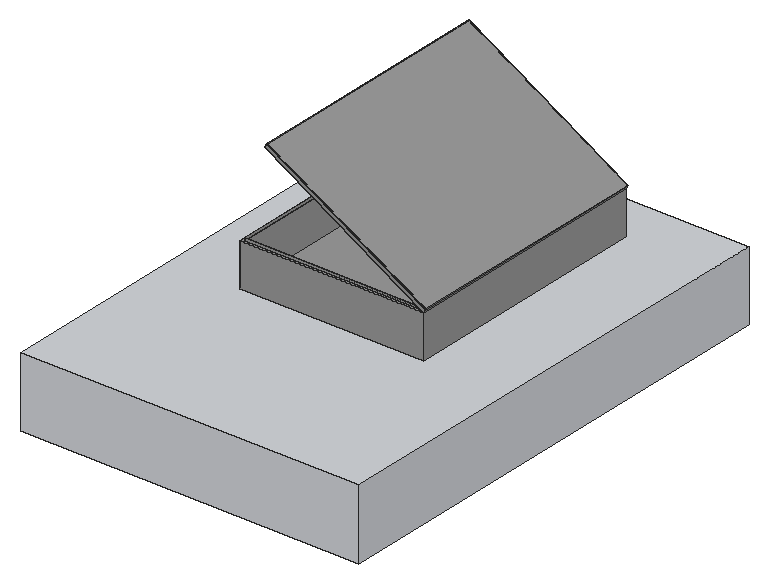
Revit family "Hager-Univers-IP44-D205-H1100-Cl.I-encl-NL-en", category Equipement électrique, Revit 2020
Family settings
  Hôte = Face
  Configuration du panneau = Deux colonnes, circuits au sein
  Cote de connecteur circulaire = Utiliser le diamètre
  Type d'élément = Tableau de raccordement
  Couper avec des vides une fois chargée = Non
  Partagée = Non
  Point de calcul de pièce = Non
Parameters (values of type "Surface mounted (plaster) IP44 W800 H1100 D205  - FP73QT")
  Width Control [instance] = if([EF000008 - Width] > Min Width, [EF000008 - Width], Min Width)  # 800 mm
  Commentaires du type = [HG000003 - Range]  # "Univers"
  Thickness Door [instance] = if([EF009171 - Material plate thickness door/cover] > 3 mm, 3 mm, [EF009171 - Material plate thickness door/cover])  # 1 mm
  Seal Frame Offset [instance] = 17 mm  # constant formula
  Plinth Visibility [instance] = [HG000027 - Plinth height] > 0 mm  # no
  Model = ""
  Min Width [instance] = 100 mm  # constant formula
  Min Height [instance] = 100 mm  # constant formula
  Min Depth [instance] = (2 * [EF009170 - Material plate thickness cabinet]) + 1 mm  # 3 mm
  Internal Frame Depth [instance] = (Door System Depth * 0.5)  # 9 mm
  Height Control [instance] = if([EF000040 - Height] > Min Height, [EF000040 - Height], Min Height)  # 1100 mm
  HG000027 - Plinth height = 0 mm
  HG000026 - Floor standing = no
  HG000024 - Bottom section height = 800 mm
  HG000023 - Double section enclosure = no
  HG000016 - Door 3d visibility [instance] = yes
  HG000015 - Clearance visibility [instance] = no
  HG000014 - Door on the right [instance] = yes
  HG000013 - Door on the left [instance] = not([HG000014 - Door on the right])  # no
  HG000012 - Door swing angle [instance] = 30.00°
  HG000010 - Asymmetric doors = no
  HG000009 - Double swing door = no
  HG000006 - Flush mounted = no
  HG000004 - Manufacturer reference = "FP73QT"
  HG000003 - Range = "Univers"
  HG000002 - With door or cover = yes
  Frame Offset Bottom [instance] = 10 mm  # constant formula
  Frame Offset [instance] = 15 mm  # constant formula
  EF015940 - Cover with overpressure release = no
  EF011959 - Degree of protection (NEMA) = ""
  EF009554 - Number of openings for flange plates = 6
  EF009212 - Cover model = "EV000116 - Closed"
  EF009171 - Material plate thickness door/cover = 1 mm
  EF009170 - Material plate thickness cabinet = 1 mm
  Fabricant = "Hager"  # constant formula
  EF008873 - Nominal current (In) = 250 A
  EF007800 - Suitable for lightning protection = no
  EF006306 - With lock = no
  EF006244 - Transparent cover/door = no
  EF005474 - Degree of protection (IP) = "EV006418 - IP44"
  EF004464 - Type of door = "EV002646 - Single"
  EF004427 - Number of modules = 252
  EF004293 - Impact strength = "EV006815 - IK09"
  EF003532 - Suitable for outdoor use = no
  EF002950 - Width in number of modular spacings = 36
  EF001613 - Circuit integrity = "EV000494 - None"
  EF001596 - Material housing = "EV000179 - Steel"
  EF001131 - Internal depth = 130 mm
  EF001088 - Extension possible = yes
  EF000437 - Number of conduit inlets = 6
  EF000339 - Type of cover = "EV001012 - Cover"
  EF000266 - Number of rows = 7
  EF000218 - Built-in depth = 0 mm
  EF000118 - With mounting plate = no
  EF000116 - RAL-number = "9010"
  EF000049 - Depth = 205 mm
  EF000040 - Height = 1100 mm
  EF000008 - Width = 800 mm
  EF000007 - Colour = "EV000202 - White"
  EF000003 - Mounting method = "EV000384 - Surface mounted (plaster)"
  Door System Leaf Tolerance [instance] = 1.5 mm  # constant formula
  Door System Depth [instance] = 18 mm  # constant formula
  Door Height [instance] = Height Control - [HG000027 - Plinth height]  # 1100 mm
  Depth Control [instance] = if([EF000049 - Depth] > Min Depth, [EF000049 - Depth], Min Depth)  # 205 mm
  Default Elevation = 0 mm
  Connector Offset [instance] = Height Control / 2  # 550 mm
  Bottom Top Plate Trim [instance] = 1.5 mm  # constant formula
  Plinth height Ctrl [instance] = if([HG000027 - Plinth height] > 0 mm, [HG000027 - Plinth height], 12 mm)  # 12 mm
Types (4, lengths in mm): name | Width Control | HG000004 - Manufacturer reference | EF009554 - Number of openings for flange plates | EF004464 - Type of door | EF004427 - Number of modules | EF002950 - Width in number of modular spacings | EF000437 - Number of conduit inlets | EF000008 - Width
  Surface mounted (plaster) IP44 W1050 H1100 D205  - FP74QT | 1050 | "FP74QT" | 8 | "EV003602 - Double" | 336 | 48 | 8 | 1050
  Surface mounted (plaster) IP44 W300 H1100 D205  - FP71QT | 300 | "FP71QT" | 2 | "EV002646 - Single" | 84 | 12 | 2 | 300
  Surface mounted (plaster) IP44 W550 H1100 D205  - FP72QT | 550 | "FP72QT" | 4 | "EV002646 - Single" | 168 | 24 | 4 | 550
  Surface mounted (plaster) IP44 W800 H1100 D205  - FP73QT | 800 | "FP73QT" | 6 | "EV002646 - Single" | 252 | 36 | 6 | 800
Reference planes
  plane 1 "Center (Front/Back)": y = 0
  plane 2: z = 0
  plane 3 "Center (Left/Right)": x = 0
  plane 4: z = 205
  plane 5: y = 1
  plane 6: y = 550
  plane 7: y = 0
  plane 8: y = 1100
  plane 9: z = 0
  plane 10: x = -385
  plane 11: x = 385
  plane 12: x = 384
  plane 13: x = -384
  plane 14: y = 1099
  plane 15: x = -383
  plane 16: x = -400
  plane 17: x = 383
  plane 18: x = 400
  plane 19: x = 399
  plane 20: x = -399
  plane 21: y = 11
  plane 22: y = 1100
  plane 23: y = 1084
  plane 24: z = 187
  plane 25: z = 1
  plane 26: z = 186
  plane 27: z = 204
Forms (mm)
  Extrusion 1, solid
    sketch origin (0, 0, 0) x (1, 0, 0) y (0, 1, 0)
      loop
        line (-702.964, 1305) -> (-702.964, -811.445) -> (766.763, -811.445) -> (766.763, 1305) -> (-702.964, 1305)
    from 0 to -304.8
  Extrusion 2, solid, material "Hager_Steel_RAL7035_Light_Grey", visible <- "Plinth Visibility", detail levels medium+fine
    sketch origin (0, 0, 0) x (1, 0, 0) y (0, 1, 0)
      loop
        line (-400, 0) -> (400, 0) -> (400, 12) -> (-400, 12) -> (-400, 0)
    from 0 to 187
  Extrusion 3, solid, material "Hager_Steel_RAL7035_Light_Grey", detail levels medium+fine
    sketch origin (0, 0, 0) x (1, 0, 0) y (0, 1, 0)
      loop
        line (-400, 0) -> (400, 0) -> (400, 1100) -> (-400, 1100) -> (-400, 0)
    from 0 to 187
  Extrusion 4, void
    sketch origin (0, 0, 0) x (1, 0, 0) y (0, 1, 0)
      loop
        line (-399, 1) -> (399, 1) -> (399, 1099) -> (-399, 1099) -> (-399, 1)
    from 1 to 186
  Extrusion 5, void
    sketch origin (-381.607, -4572, 187) x (0, -1, 0) y (-1, 0, 0)
      loop
        line (-4583, 2.393) -> (-5656, 2.393) -> (-5656, -765.607) -> (-4583, -765.607) -> (-4583, 2.393)
    from 0 to 1 <- "EF009170 - Material plate thickness cabinet"
  Extrusion 6, solid, material "Hager_Steel_RAL7035_Light_Grey", detail levels fine
    sketch origin (0, 0, 187) x (1, 0, 0) y (0, 1, 0)
      loop
        line (-384, 1084) -> (-384, 11) -> (384, 11) -> (384, 1084) -> (-384, 1084)
      loop
        line (-385, 10) -> (385, 10) -> (385, 1085) -> (-385, 1085) -> (-385, 10)
    from 0 to 9 <- "Internal Frame Depth"
  Extrusion 7, solid, material "Hager_Steel_RAL7035_Light_Grey", detail levels coarse
    sketch origin (0, 0, 0) x (1, 0, 0) y (0, 1, 0)
      loop
        line (-400, 0) -> (400, 0) -> (400, 1100) -> (-400, 1100) -> (-400, 0)
    from 0 to 205
  Sweep 8, void
    path in 3D
      loop
        line (-400, 12, 0) -> (400, 12, 0) -> (400, 12, 187) -> (-400, 12, 187) -> (-400, 12, 0)
    profile origin (-400, 12, 93.5) x (-1, 0, 0) y (0, -1, 0)
      loop
        line (0, 0) -> (0, 1.5) -> (-1.5, 1.5)
        arc (-1.5, 1.5) -> (-1.061, 0.439) -> (0, 0) r 1.5
Cuts and joins
  Extrusion 4, Extrusion 5 cuts Extrusion 3
  Sweep 8 cuts Extrusion 2
Lines and regions (mm)
  Masking region 1
    outline origin (0, 0, 0) x (1, 0, 0) y (0, 0, 1)
      loop
        line (-400, 205) -> (-400, 0) -> (400, 0) -> (400, 205) -> (-400, 205)
  Masking region 2, detail levels medium+fine
    outline origin (0, 140, 0) x (0, 1, 0) y (0, 0, 1)
      loop
        line (-140, 0) -> (960, 0) -> (960, 187) -> (-140, 187) -> (-140, 0)
  Masking region 3, not visible, detail levels medium+fine
    outline origin (0, 297.922, 0) x (0, 1, 0) y (0, 0, 1)
      loop
        line (263.578, 0) -> (303.578, 0) -> (303.578, 194)
        arc (303.578, 194) -> (300.649, 201.071) -> (293.578, 204) r 10
        line (293.578, 204) -> (263.578, 204) -> (263.578, 0)
  Masking region 4, detail levels coarse
    outline origin (0, 0, 180) x (0, 1, 0) y (0, 0, 1)
      loop
        line (0, -180) -> (1100, -180) -> (1100, 25) -> (0, 25) -> (0, -180)
  Masking region 5, visible <- "Plinth Visibility", detail levels medium+fine
    outline origin (0, 52.24, 12.345) x (0, 0, -1) y (0, 1, 0)
      loop
        line (10.845, -40.24) -> (-173.155, -40.24)
        arc (-173.155, -40.24) -> (-173.594, -41.301) -> (-174.655, -41.74) r 1.5
        line (-174.655, -41.74) -> (-174.655, -52.24) -> (12.345, -52.24) -> (12.345, -41.74)
        arc (12.345, -41.74) -> (11.285, -41.301) -> (10.845, -40.24) r 1.5
  Masking region 6, detail levels medium+fine
    outline origin (-381.607, -4572, 187) x (-1, 0, 0) y (0, -1, 0)
      loop
        line (18.393, -5672) -> (18.393, -4572) -> (-781.607, -4572) -> (-781.607, -5672) -> (18.393, -5672)
  Masking region 7, visible <- "Plinth Visibility", detail levels medium+fine
    outline origin (-381.607, -4727, 187) x (-1, 0, 0) y (0, -1, 0)
      loop
        arc (16.893, -4739) -> (17.332, -4737.939) -> (18.393, -4737.5) r 1.5
        line (18.393, -4737.5) -> (18.393, -4727) -> (-781.607, -4727) -> (-781.607, -4737.5)
        arc (-781.607, -4737.5) -> (-780.546, -4737.939) -> (-780.107, -4739) r 1.5
        line (-780.107, -4739) -> (16.893, -4739)
  Masking region 8, detail levels coarse
    outline origin (-442.548, -4669.526, 187) x (-1, 0, 0) y (0, -1, 0)
      loop
        line (-42.548, -5769.526) -> (-42.548, -4669.526) -> (-842.548, -4669.526) -> (-842.548, -5769.526) -> (-42.548, -5769.526)
  sketch lines
    curve 1: line (-400, 12, 187) -> (-400, 12, 0)
    curve 2: line (400, 12, 187) -> (-400, 12, 187)
    curve 3: line (400, 12, 187) -> (400, 12, 0)
    curve 4: line (-400, 12, 0) -> (400, 12, 0)
Dimensions and locks
  "Depth Control": plane 4 to Extrusion 1
  "HG000027 - Plinth height": plane 1 "Center (Front/Back)" to plane 7
  "EF009170 - Material plate thickness cabinet": plane 5 to plane 7
  locked: connector elem to plane 3 "Center (Left/Right)"
  equal spacing: plane 8, plane 6, plane 7
  locked: connector elem to plane 6
  "EF009170 - Material plate thickness cabinet": plane 8 to plane 14
  "EF009170 - Material plate thickness cabinet": plane 10 to plane 13
  "EF009170 - Material plate thickness cabinet": plane 12 to plane 11
  "Frame Offset": plane 20 to plane 13
  "Frame Offset": plane 12 to plane 19
  "EF009170 - Material plate thickness cabinet": plane 16 to plane 20
  "EF009170 - Material plate thickness cabinet": plane 19 to plane 18
  "Seal Frame Offset": plane 16 to plane 15
  "Seal Frame Offset": plane 17 to plane 18
  "Frame Offset Bottom": plane 21 to plane 5
  "Frame Offset": plane 14 to plane 23
  equal spacing: plane 16, plane 3 "Center (Left/Right)", plane 18
  "Width Control": plane 16 to plane 18
  "EF009170 - Material plate thickness cabinet": plane 4 to plane 27
  "EF009170 - Material plate thickness cabinet": plane 24 to plane 26
  "EF009170 - Material plate thickness cabinet": plane 25 to level
  "Door System Depth": plane 4 to plane 24
  "Height Control": plane 1 "Center (Front/Back)" to Extrusion 7 sketch curve
  "Height Control": Masking region 4 sketch curve to plane 1 "Center (Front/Back)"
  "Height Control": plane 1 "Center (Front/Back)" to plane 22
  "Bottom Top Plate Trim": profile plane to Sweep 8 sketch curve
  "Bottom Top Plate Trim": Sweep 8 sketch curve to profile plane
  "Plinth height Ctrl": plane 1 "Center (Front/Back)" to Extrusion 2 sketch curve
  "Plinth height Ctrl": Masking region 5 sketch curve to plane 1 "Center (Front/Back)"
  "Plinth height Ctrl": plane 1 "Center (Front/Back)" to Masking region 7 sketch curve
  "Thickness Door": Extrusion 6 sketch curve to Extrusion 6 sketch curve  (x3)
  "Thickness Door": cut or joined group of Extrusion 3, Extrusion 4, Extrusion 5 to Extrusion 6 sketch curve
  radius of Masking region 3 sketch curve = 10 mm
  "Bottom Top Plate Trim": radius of Masking region 5 sketch curve  (x2)
  "Bottom Top Plate Trim": radius of Sweep 8 sketch curve
  "Bottom Top Plate Trim": radius of Masking region 7 sketch curve  (x2)
  aligned and locked: plane 2 to Extrusion 1
  aligned and locked: level to Extrusion 1
  aligned and locked: level to Masking region 1 sketch curve
  aligned and locked: Masking region 1 sketch curve to plane 18
  aligned and locked: Masking region 1 sketch curve to plane 16
  aligned and locked: plane 7 to Masking region 2 sketch curve
  aligned and locked: level to Masking region 3 sketch curve
  aligned and locked: Masking region 3 sketch curve to plane 27
  aligned and locked: level to Masking region 2 sketch curve
  aligned and locked: plane 1 "Center (Front/Back)" to Extrusion 2 sketch curve
  aligned and locked: Extrusion 3 sketch curve to plane 7
  aligned and locked: plane 16 to Extrusion 3 sketch curve
  aligned and locked: plane 18 to Extrusion 3 sketch curve
  aligned and locked: plane 20 to Extrusion 4 sketch curve
  aligned and locked: plane 19 to Extrusion 4 sketch curve
  aligned and locked: Extrusion 4 sketch curve to plane 5
  aligned and locked: Extrusion 4 to plane 25
  aligned and locked: plane 26 to Extrusion 4
  aligned and locked: plane 24 to Extrusion 3
  aligned and locked: Extrusion 5 sketch curve to plane 21
  aligned and locked: Extrusion 5 sketch curve to plane 13
  aligned and locked: Extrusion 5 sketch curve to plane 12
  aligned and locked: plane 18 to Extrusion 7 sketch curve
  aligned and locked: plane 1 "Center (Front/Back)" to Extrusion 7 sketch curve
  aligned and locked: plane 16 to Extrusion 7 sketch curve
  aligned and locked: plane 4 to Extrusion 7
  aligned and locked: Extrusion 7 to level
  aligned and locked: level to Masking region 4 sketch curve
  aligned and locked: Masking region 4 sketch curve to plane 1 "Center (Front/Back)"
  aligned and locked: Masking region 4 sketch curve to plane 4
  aligned and locked: nested 1 to level
  aligned and locked: nested 1 to plane 16
  aligned and locked: plane 8 to Extrusion 3 sketch curve
  aligned and locked: plane 23 to Extrusion 5 sketch curve
  aligned and locked: plane 14 to Extrusion 4 sketch curve
  aligned and locked: Masking region 2 sketch curve to plane 8
  aligned and locked: level to Masking region 5 sketch curve
  aligned and locked: plane 16 to Extrusion 2 sketch curve
  aligned and locked: plane 18 to Extrusion 2 sketch curve
  aligned and locked: Masking region 5 sketch curve to plane 24
  aligned and locked: Masking region 2 sketch curve to plane 24
  aligned and locked: plane 24 to Extrusion 2
  aligned and locked: profile plane to Sweep 8 sketch curve  (x2)
  aligned and locked: Masking region 6 sketch curve to plane 18
  aligned and locked: Masking region 6 sketch curve to plane 22
  aligned and locked: Masking region 6 sketch curve to plane 16
  aligned and locked: plane 8 to plane 22
  aligned and locked: Masking region 6 sketch curve to plane 7
  aligned and locked: Masking region 7 sketch curve to plane 16
  aligned and locked: Masking region 7 sketch curve to plane 1 "Center (Front/Back)"
  aligned and locked: Masking region 7 sketch curve to plane 18
  aligned and locked: Masking region 8 sketch curve to plane 1 "Center (Front/Back)"
  aligned and locked: Masking region 8 sketch curve to plane 18
  aligned and locked: Masking region 8 sketch curve to plane 22
  aligned and locked: Masking region 8 sketch curve to plane 16
  aligned and locked: nested 2 to plane 7
  aligned and locked: plane 3 "Center (Left/Right)" to nested 2
  aligned and locked: nested 2 to plane 24
  aligned and locked: Extrusion 6 sketch curve to cut or joined group of Extrusion 3, Extrusion 4, Extrusion 5  (x4)
Automatic sketch dimensions
  Extrusion 1 sketch curve to Extrusion 1 sketch curve = 1469.727 mm
  Extrusion 1 sketch curve to Extrusion 1 sketch curve = 2116.445 mm
  Masking region 1 sketch curve to plane 4 = 0 mm
  plane 6 to Masking region 3 sketch curve = 11.5 mm
  Masking region 3 sketch curve to Masking region 3 sketch curve = 30 mm
  Masking region 5 sketch curve to plane 1 "Center (Front/Back)" = 0 mm
Nested families
  nested 1: "Hager_Enclosure_Symbol" at (-400, 0, 0) x (1, 0, 0) z (0, -1, 0), Height <- "Depth Control", Width <- "Width Control", type "Hager_Enclosure_Symbol"
    with Width_Ctrl 800 mm, Width 800 mm, Height_Ctrl 205 mm, Height 205 mm, A_Width_Int 13.453 mm, A_Width 161.438 mm, A_Height_Ctrl 179.375 mm, A_Height 179.375 mm
  nested 2: "EC000058_Univers_Door" at (0, 0, 187) x (1, 0, 0) z (0, 1, 0), Leaf_Tolerance <- "Door System Leaf Tolerance", Angle <- "HG000012 - Door swing angle", Door_Depth <- "Door System Depth", Door_Left <- "HG000013 - Door on the left", Transparent <- "EF006244 - Transparent cover/door", Assymetrical <- "HG000010 - Asymmetric doors", Width <- "Width Control", Clearance <- "HG000015 - Clearance visibility", Double <- "HG000009 - Double swing door", 3d_Door <- "HG000016 - Door 3d visibility", Lock_Visibility <- "EF006306 - With lock", Width_Ctrl <- "Width Control", Door_Right <- "HG000014 - Door on the right", Door <- "HG000002 - With door or cover", Height <- "Door Height", Thickness <- "Thickness Door", type "EC000058_Univers_Door", detail levels medium+fine
    with min_wh 3 mm, Width_Ctrl 800 mm, Width 800 mm, Transparent no, Thickness 1 mm, Seal_Material Hager_Rubber, Lock_Visibility no, Lock_Material Hager_Plastic_RAL9005_Jet_Black, Leaf_Width 800 mm, Leaf_Tolerance_External_Sides 0 mm, Leaf_Tolerance 1.5 mm, Leaf_Offset 0 mm, Leaf_Height 1097 mm, Leaf_2_Width 800 mm, Leaf_2_Offset 400 mm, Leaf_1_Width 800 mm, Leaf_1_Offset 400 mm, Height_Ctrl 1100 mm, Height 1100 mm, Glass_Material Hager_Glass, Double_Clearance_Ctrl no, Double no, Door_Right_Ctrl yes, Door_Right yes, Door_Material Hager_Steel_RAL7035_Light_Grey, Door_Left_Ctrl no, Door_Left no, Door_Depth 18 mm, Door yes, Clearance_Material Hager_Clearance, Clearance_Depth 800 mm, Clearance_Ctrl no, Clearance no, Assymetrical no, Angle 30.00°, 3d_Door yes
Connectors
  electrical at (0, 550, 0)
    settings: on plane 9, index 1, voltage 0 V, apparent load 0 VA, apparent load phase1 0 VA, apparent load phase2 0 VA, apparent load phase3 0 VA, power factor 1, load classification "Other", number of poles 1, system type 30, power factor state 1, is connector primary yes, connector utility no, sub classification motor no, connector description ""
Definition of nested family "EC000058_Univers_Door"
  Parameters (values of type "EC000058_Univers_Door")
    min_wh [instance] = (2 * Thickness) + 1 mm  # 11 mm
    Width_Ctrl [instance] = 400 mm
    Width [instance] = 500 mm
    Transparent [instance] = yes
    Thickness [instance] = 5 mm
    Seal_Material [instance] = none
    Lock_Visibility [instance] = yes
    Lock_Material [instance] = none
    Leaf_Width [instance] = if((Width_Ctrl - 2 * Leaf_Tolerance_External_Sides) > 0 mm, (Width_Ctrl - 2 * Leaf_Tolerance_External_Sides), min_wh)  # 400 mm
    Leaf_Tolerance_External_Sides [instance] = 0 mm  # constant formula
    Leaf_Tolerance [instance] = 1.5 mm
    Leaf_Offset [instance] = 0 mm  # constant formula
    Leaf_Height [instance] = if((Height_Ctrl - 2 * Leaf_Tolerance) > 0 mm, (Height_Ctrl - 2 * Leaf_Tolerance), min_wh)  # 497 mm
    Leaf_2_Width [instance] = if(and(and(Double, Assymetrical), Door_Left), (Leaf_Width / 3) - (Leaf_Tolerance / 2), if(and(and(Double, Assymetrical), Door_Right), (Leaf_Width / 3) * 2 - (Leaf_Tolerance / 2), if(and(Double, not(Assymetrical)), (Leaf_Width / 2) - Leaf_Tolerance, Leaf_Width)))  # 400 mm
    Leaf_2_Offset [instance] = if(and(Double, Assymetrical), Leaf_2_Width / 2, if(and(Double, not(Assymetrical)), Leaf_Width / 4, Leaf_Width / 2))  # 200 mm
    Leaf_1_Width [instance] = if(and(and(Double, Assymetrical), Door_Right), (Leaf_Width / 3) - (Leaf_Tolerance / 2), if(and(and(Double, Assymetrical), Door_Left), (Width / 3) * 2 - (Leaf_Tolerance / 2), if(and(Double, not(Assymetrical)), (Leaf_Width / 2) - Leaf_Tolerance, Leaf_Width)))  # 400 mm
    Leaf_1_Offset [instance] = if(and(Double, Assymetrical), Leaf_1_Width / 2, if(and(Double, not(Assymetrical)), Leaf_Width / 4, Leaf_Width / 2))  # 200 mm
    Height_Ctrl [instance] = if(Height > min_wh, Height, min_wh)  # 500 mm
    Height [instance] = 500 mm
    Glass_Material [instance] = none
    Double_Clearance_Ctrl [instance] = and(Double, Clearance)  # no
    Double [instance] = no
    Door_Right_Ctrl [instance] = and(or(Door_Right, Double), Door)  # yes
    Door_Right [instance] = yes
    Door_Material [instance] = none
    Door_Left_Ctrl [instance] = and(or(Door_Left, Double), Door)  # no
    Door_Left [instance] = no
    Door_Depth [instance] = 30 mm
    Door [instance] = yes
    Default Elevation = 1219.2 mm
    Clearance_Material [instance] = none
    Clearance_Depth [instance] = if(Leaf_1_Width > Leaf_2_Width, Leaf_1_Width, Leaf_2_Width)  # 400 mm
    Clearance_Ctrl [instance] = and(not(Double), Clearance)  # yes
    Clearance [instance] = yes
    Assymetrical [instance] = yes
    Angle [instance] = 30.00°
    3d_Door [instance] = yes
  Reference planes
    plane 1 "Center (Front/Back)": y = 0
    plane 2 "Bottom": z = 0
    plane 3 "Center (Left/Right)": x = 0
    plane 4: z = 500
    plane 5: x = -200
    plane 6: x = 200
    plane 7: z = 500
    plane 8: x = -200
    plane 9: z = 0
    plane 10: x = 200
    plane 11: y = 0
    plane 12: z = 1.5
    plane 13: x = -600
    plane 14: y = -400
    plane 15: x = 600
    plane 16: x = 0
    plane 17: x = 0
    plane 18: x = -200
    plane 19: x = 200
    plane 20: z = 498.5
  Forms (mm)
    Extrusion 1, solid, material <- "Clearance_Material", visible <- "Double_Clearance_Ctrl"
      sketch origin (1200, 0, 0) x (1, 0, 0) y (0, 0, -1)
        loop
          line (-1800, -498.5) -> (-600, -498.5) -> (-600, 0) -> (-1800, 0) -> (-1800, -498.5)
      from 0 to -400
  Dimensions and locks
    equal spacing: plane 5, plane 3 "Center (Left/Right)", plane 6
    "Width_Ctrl": plane 5 to plane 6
    "Leaf_Offset": plane 5 to plane 8
    "Leaf_Offset": plane 6 to plane 10
    "Leaf_Offset": plane 9 to level
    "Leaf_Offset": plane 4 to plane 7
    "Height_Ctrl": plane 4 to level
    "Leaf_Tolerance": plane 12 to plane 9
    locked: plane 11 to plane 1 "Center (Front/Back)"
    "Leaf_1_Offset": plane 18 to plane 16
    "Leaf_2_Offset": plane 17 to plane 19
    "Leaf_1_Width": plane 13 to plane 8
    "Leaf_2_Width": plane 10 to plane 15
    "Clearance_Depth": plane 14 to plane 1 "Center (Front/Back)"
    "Leaf_Tolerance_External_Sides": plane 8 to plane 18
    "Leaf_Tolerance_External_Sides": plane 19 to plane 10
    "Leaf_Tolerance": plane 7 to plane 20
    aligned and locked: level to plane 2 "Bottom"
    aligned and locked: nested 1 to plane 16
    aligned and locked: nested 2 to plane 17
    aligned and locked: Extrusion 1 to plane 13
    aligned and locked: plane 15 to Extrusion 1
    aligned and locked: Extrusion 1 to plane 14
    aligned and locked: plane 12 to nested 1
    aligned and locked: nested 2 to plane 12
    aligned and locked: Extrusion 1 to plane 11
    aligned and locked: plane 20 to Extrusion 1
    aligned and locked: nested 2 to plane 11
    aligned and locked: nested 1 to plane 11
  Automatic sketch dimensions
    Extrusion 1 sketch curve to level = 0 mm
    plane 5 to Extrusion 1 sketch curve = 400 mm
    plane 6 to Extrusion 1 sketch curve = 400 mm
    Extrusion 1 sketch curve to plane 4 = 1.5 mm
  Nested families
    nested 1: "EC000058_Univers_Door_Leaf" at (0, 0, 1.5), Width <- "Leaf_1_Width", visible <- "Door_Left_Ctrl", Leaf_Height <- "Leaf_Height", Angle <- "Angle", 3d_Door <- "3d_Door", Transparent <- "Transparent", Clearance Material <- "Clearance_Material", Clearance <- "Clearance_Ctrl", Door_Material <- "Door_Material", Glass_Material <- "Glass_Material", Door_Depth <- "Door_Depth", Lock_Material <- "Lock_Material", Seal_Material <- "Seal_Material", Lock_Visibility <- "Lock_Visibility", Thickness <- "Thickness", type "EC000058_Univers_Door_Leaf"
      with Width 400 mm, Transparent_Glass_Offset 30 mm, Transparent_Ctrl yes, Transparent yes, Thickness 5 mm, Standard no, Seal_Material none, Seal_D2 8 mm, Seal_D1 1 mm, Offset_Internal_Frame 10 mm, Lock_Width 20 mm, Lock_Visibility_3d yes, Lock_Visibility yes, Lock_Thickness_3 3 mm, Lock_Thickness_2 1 mm, Lock_Thickness_1 3 mm, Lock_Radius_Offset_2 16 mm, Lock_Radius_Offset_1 15 mm, Lock_Radius_2 5 mm, Lock_Radius 6 mm, Lock_Offset 5 mm, Lock_Material none, Lock_Height 80 mm, Lock_Cover_Top_Offset_2d 17 mm, Lock_Cover_Height -65 mm, Leaf_Height 497 mm, Internal_Seal_Thickness 8 mm, Internal_Seal_Depth_2 4.5 mm, Internal_Frame_Depth 25 mm, Glass_Thickness -1 mm, Glass_Offset -2 mm, Glass_Material none, Door_Material none, Door_Depth 30 mm, Clearance Material none, Clearance yes, Angle_Ctrl 30.00°, Angle 30.00°, 3d_Door yes
    nested 2: "EC000058_Univers_Door_Leaf" at (0, 0, 1.5) x (-1, 0, 0) z (0, 0, 1), Width <- "Leaf_2_Width", visible <- "Door_Right_Ctrl", Leaf_Height <- "Leaf_Height", Angle <- "Angle", 3d_Door <- "3d_Door", Transparent <- "Transparent", Clearance Material <- "Clearance_Material", Clearance <- "Clearance_Ctrl", Door_Material <- "Door_Material", Glass_Material <- "Glass_Material", Door_Depth <- "Door_Depth", Lock_Material <- "Lock_Material", Seal_Material <- "Seal_Material", Lock_Visibility <- "Lock_Visibility", Thickness <- "Thickness", type "EC000058_Univers_Door_Leaf"
      with Width 400 mm, Transparent_Glass_Offset 30 mm, Transparent_Ctrl yes, Transparent yes, Thickness 5 mm, Standard no, Seal_Material none, Seal_D2 8 mm, Seal_D1 1 mm, Offset_Internal_Frame 10 mm, Lock_Width 20 mm, Lock_Visibility_3d yes, Lock_Visibility yes, Lock_Thickness_3 3 mm, Lock_Thickness_2 1 mm, Lock_Thickness_1 3 mm, Lock_Radius_Offset_2 16 mm, Lock_Radius_Offset_1 15 mm, Lock_Radius_2 5 mm, Lock_Radius 6 mm, Lock_Offset 5 mm, Lock_Material none, Lock_Height 80 mm, Lock_Cover_Top_Offset_2d 17 mm, Lock_Cover_Height -65 mm, Leaf_Height 497 mm, Internal_Seal_Thickness 8 mm, Internal_Seal_Depth_2 4.5 mm, Internal_Frame_Depth 25 mm, Glass_Thickness -1 mm, Glass_Offset -2 mm, Glass_Material none, Door_Material none, Door_Depth 30 mm, Clearance Material none, Clearance yes, Angle_Ctrl 30.00°, Angle 30.00°, 3d_Door yes
  Definition of nested family "EC000058_Univers_Door_Leaf"
    Parameters (values of type "EC000058_Univers_Door_Leaf")
      Width [instance] = 2000 mm
      Transparent_Glass_Offset [instance] = 30 mm
      Transparent_Ctrl [instance] = and(Transparent, [3d_Door])  # yes
      Transparent [instance] = yes
      Thickness [instance] = 5 mm
      Standard [instance] = and(not(Transparent), [3d_Door])  # no
      Seal_Material [instance] = none
      Seal_D2 [instance] = 8 mm  # constant formula
      Seal_D1 [instance] = 1 mm  # constant formula
      Offset_Internal_Frame [instance] = 10 mm  # constant formula
      Lock_Width [instance] = 20 mm  # constant formula
      Lock_Visibility_3d [instance] = and(Lock_Visibility, [3d_Door])  # yes
      Lock_Visibility [instance] = yes
      Lock_Thickness_3 [instance] = 3 mm  # constant formula
      Lock_Thickness_2 [instance] = 1 mm  # constant formula
      Lock_Thickness_1 [instance] = 3 mm  # constant formula
      Lock_Radius_Offset_2 [instance] = Lock_Radius_Offset_1 + 1 mm  # 16 mm
      Lock_Radius_Offset_1 [instance] = 15 mm  # constant formula
      Lock_Radius_2 [instance] = Lock_Radius - 1 mm  # 5 mm
      Lock_Radius [instance] = 6 mm  # constant formula
      Lock_Offset [instance] = 5 mm  # constant formula
      Lock_Material [instance] = none
      Lock_Height [instance] = 80 mm  # constant formula
      Lock_Cover_Top_Offset_2d [instance] = Lock_Radius_Offset_2 + 1 mm  # 17 mm
      Lock_Cover_Height [instance] = -(Lock_Height - Lock_Radius_Offset_1)  # -65 mm
      Leaf_Height [instance] = 2720.336 mm
      Internal_Seal_Thickness [instance] = 8 mm  # constant formula
      Internal_Seal_Depth_2 [instance] = 4.5 mm  # constant formula
      Internal_Frame_Depth [instance] = if(Door_Depth - Thickness > 5 mm, Door_Depth - Thickness, 5 mm)  # 25 mm
      Glass_Thickness [instance] = if(Thickness > 15 mm, Glass_Offset + 10 mm, -1 mm)  # -1 mm
      Glass_Offset [instance] = if(Thickness > 15 mm, -(Thickness + 10 mm) / 2, -2 mm)  # -2 mm
      Glass_Material [instance] = none
      Door_Material [instance] = none
      Door_Depth [instance] = 30 mm
      Default Elevation = 0 mm
      Clearance Material [instance] = none
      Clearance [instance] = yes
      Angle_Ctrl [instance] = if(Angle > 180.00°, 180.00°, Angle)  # 90.00°
      Angle [instance] = 90.00°
      3d_Door [instance] = yes
    Reference planes
      plane 1 "Center (Front/Back)": y = 0
      plane 2: z = 0
      plane 3 "Center (Left/Right)": x = 0
      plane 4: y = 2000
      plane 5: x = -1000
      plane 6: x = 1000
      plane 7: x = -3000
      plane 8: z = 2720.336
      plane 9: z = 30
      plane 10: z = 2690.336
      plane 11: x = 970
      plane 12: x = -970
      plane 13: y = -3
      plane 14: z = 107.833
      plane 15: y = -5
      plane 16: y = -223.314
      plane 17: x = -1000
      plane 18: z = 1360.168
      plane 19: y = 30
    Forms (mm)
      Extrusion 1, solid, material <- "Clearance Material", visible <- "Clearance"
        sketch origin (0, 0, 0) x (1, 0, 0) y (0, 0, 1)
          loop
            line (-3000, 2720.336) -> (-3000, 0) -> (1000, 0) -> (1000, 2720.336) -> (-3000, 2720.336)
        from 0 to -2000
      Extrusion 2, solid, material <- "Door_Material", visible <- "Standard", detail levels medium+fine
        sketch origin (-1000, 0, 0) x (0, 1, 0) y (-1, 0, 0)
          loop
            line (0, 30) -> (0, 25) -> (2000, 25) -> (2000, 30) -> (0, 30)
        from 0 to 2720.336 <- "Leaf_Height"
      Extrusion 3, solid, material <- "Door_Material", visible <- "Transparent_Ctrl", detail levels medium+fine
        sketch origin (-1000, 0, 0) x (0, 1, 0) y (-1, 0, 0)
          loop
            line (0, 25) -> (2000, 25) -> (2000, 30) -> (0, 30) -> (0, 25)
        from 0 to 2720.336 <- "Leaf_Height"
      Extrusion 4, void
        sketch origin (-1025, 2000, 0) x (0, 1, 0) y (0, 0, -1)
          loop
            line (-30, -2690.336) -> (-30, -30) -> (-1970, -30) -> (-1970, -2690.336) -> (-30, -2690.336)
        from 0 to 5 <- "Thickness"
      Sweep 5, solid, material <- "Seal_Material", visible <- "Transparent_Ctrl", detail levels fine
        path in 3D
          loop
            line (-1025, 30, 30) -> (-1025, 30, 2690.336) -> (-1025, 1970, 2690.336) -> (-1025, 1970, 30) -> (-1025, 30, 30)
        profile origin (-1025, 1000, 30) x (1, 0, 0) y (0, 0, 1)
          loop
            line (0, 0) -> (0, -8) -> (1, -8) -> (1, 0) -> (0, 0)
      Extrusion 6, solid, material <- "Glass_Material", visible <- "Transparent_Ctrl", detail levels medium+fine
        sketch origin (-1030, 0, 0) x (0, 1, 0) y (0, 0, -1)
          loop
            line (1970, -2690.336) -> (1970, -30) -> (30, -30) -> (30, -2690.336) -> (1970, -2690.336)
        from -2 <- "Glass_Offset" to -1 <- "Glass_Thickness"
      Extrusion 7, solid, material <- "Door_Material", visible <- "3d_Door", detail levels medium+fine
        sketch origin (-1025, 2000, 0) x (0, -1, 0) y (0, 0, -1)
          loop
            line (0, -2720.336) -> (2000, -2720.336) -> (2000, 0) -> (0, 0) -> (0, -2720.336)
          loop
            line (1995, -5) -> (5, -5) -> (5, -2715.336) -> (1995, -2715.336) -> (1995, -5)
        from 0 to 25 <- "Internal_Frame_Depth"
      Sweep 8, solid, material <- "Seal_Material", visible <- "Transparent_Ctrl", detail levels fine
        path in 3D
          loop
            line (-1025, 0, 0) -> (-1025, 2000, 0) -> (-1025, 2000, 2720.336) -> (-1025, 0, 2720.336) -> (-1025, 0, 0)
        profile origin (-1025, 0, 1360.168) x (1, 0, 0) y (0, 1, 0)
          loop
            line (0, 10) -> (2.975, 10)
            arc (2.975, 10) -> (4.053, 10.447) -> (4.5, 11.525) r 1.525
            line (4.5, 11.525) -> (4.5, 16.527)
            arc (4.5, 16.527) -> (4.069, 17.569) -> (3.027, 18) r 1.473
            line (3.027, 18) -> (0, 18) -> (0, 10)
      Extrusion 9, solid, material <- "Lock_Material", visible <- "Lock_Visibility_3d", detail levels fine
        sketch origin (-1030, 0, 0) x (0, 1, 0) y (0, 0, -1)
          loop
            arc (1993.5, -1400.168) -> (1994.561, -1399.729) -> (1995, -1398.668) r 1.5
            line (1995, -1398.668) -> (1995, -1320.168) -> (1975, -1320.168) -> (1975, -1398.668)
            arc (1975, -1398.668) -> (1975.439, -1399.729) -> (1976.5, -1400.168) r 1.5
            line (1976.5, -1400.168) -> (1993.5, -1400.168)
        from 3 <- "Lock_Thickness_1" to 0
      Blend 10, solid, material <- "Lock_Material", visible <- "Lock_Visibility_3d", detail levels fine
        base sketch origin (-1033, 0, 0) x (0, 1, 0) y (0, 0, -1)
          loop
            line (1975, -1320.168) -> (1975, -1398.668)
            arc (1975, -1398.668) -> (1975.439, -1399.729) -> (1976.5, -1400.168) r 1.5
            line (1976.5, -1400.168) -> (1993.5, -1400.168)
            arc (1993.5, -1400.168) -> (1994.561, -1399.729) -> (1995, -1398.668) r 1.5
            line (1995, -1398.668) -> (1995, -1320.168) -> (1975, -1320.168)
        top sketch origin (-1033, 0, 0) x (0, 1, 0) y (0, 0, -1)
          loop
            line (1976, -1320.168) -> (1976, -1398.668)
            arc (1976, -1398.668) -> (1976.146, -1399.022) -> (1976.5, -1399.168) r 0.5
            line (1976.5, -1399.168) -> (1993.5, -1399.168)
            arc (1993.5, -1399.168) -> (1993.854, -1399.022) -> (1994, -1398.668) r 0.5
            line (1994, -1398.668) -> (1994, -1320.168) -> (1976, -1320.168)
        from 0 to 1 <- "Lock_Thickness_2"
      Blend 11, solid, material <- "Lock_Material", visible <- "Lock_Visibility_3d", detail levels fine
        base sketch origin (-1034, 0, 0) x (0, 1, 0) y (0, 0, -1)
          loop
            line (1978, -1320.168) -> (1978, -1384.168)
            arc (1978, -1384.168) -> (1985, -1391.168) -> (1992, -1384.168) r 7
            line (1992, -1384.168) -> (1992, -1320.168) -> (1978, -1320.168)
        top sketch origin (-1034, 0, 0) x (0, 1, 0) y (0, 0, -1)
          loop
            line (1991, -1320.168) -> (1979, -1320.168) -> (1979, -1383.168)
            arc (1979, -1383.168) -> (1985, -1389.168) -> (1991, -1383.168) r 6
            line (1991, -1383.168) -> (1991, -1320.168)
        from 0 to 3 <- "Lock_Thickness_3"
      Extrusion 12, solid, material <- "Lock_Material", visible <- "Lock_Visibility_3d", detail levels fine
        sketch origin (-1030, 1975, 1320.168) x (1, 0, 0) y (0, -1, 0)
          loop
            line (-7, -19) -> (-7, -1) -> (0, -1) -> (0, 0) -> (-8, 0) -> (-8, -20) -> (0, -20) -> (0, -19) -> (-7, -19)
        from 0 to -65 <- "Lock_Cover_Height"
      Extrusion 13, void
        sketch origin (-1038, 1995, 1320.168) x (-1, 0, 0) y (0, 0, -1)
          loop
            line (-5, -65) -> (0, -65) -> (-5, -60) -> (-5, -65)
        from 0 to 20 <- "Lock_Width"
      Extrusion 14, void
        sketch origin (-1038, 1975, 1320.168) x (0, -1, 0) y (0, 0, -1)
          loop
            circle (-10, -15.995) r 6
          loop
            circle (-10, -15.995) r 5
        from 0 to 2
      Extrusion 15, solid, material <- "Lock_Material", visible <- "Lock_Visibility_3d", detail levels medium
        sketch origin (-1030, 0, 0) x (0, 1, 0) y (0, 0, -1)
          loop
            arc (1993.5, -1400.168) -> (1994.561, -1399.729) -> (1995, -1398.668) r 1.5
            line (1995, -1398.668) -> (1995, -1320.168) -> (1975, -1320.168) -> (1975, -1398.668)
            arc (1975, -1398.668) -> (1975.439, -1399.729) -> (1976.5, -1400.168) r 1.5
            line (1976.5, -1400.168) -> (1993.5, -1400.168)
        from 8 to 0
    Cuts and joins
      Extrusion 4 cuts Extrusion 3
      Extrusion 13, Extrusion 14 cuts Extrusion 9
      Extrusion 14 cuts Blend 11
      Extrusion 13, Extrusion 14 cuts Extrusion 12
      joined: Extrusion 9, Blend 10, Blend 11, Extrusion 12
      Extrusion 14 cuts Extrusion 15
    Lines and regions (mm)
      Masking region 1, visible <- "Lock_Visibility", detail levels fine
        outline origin (0, 0, 0) x (0, 1, 0) y (0, 0, 1)
          loop
            line (30, 1320.168) -> (33, 1320.168) -> (33, 1400.168) -> (30, 1400.168) -> (30, 1320.168)
      Masking region 2, visible <- "Lock_Visibility", detail levels fine
        outline origin (0, 3.143, 0) x (0, 1, 0) y (0, 0, 1)
          loop
            line (29.857, 1354.168) -> (30.857, 1354.168) -> (30.857, 1366.168) -> (29.857, 1366.168) -> (29.857, 1354.168)
      Masking region 3, detail levels medium+fine
        outline origin (0, 0, 0) x (0, 1, 0) y (0, 0, 1)
          loop
            line (0, 0) -> (30, 0) -> (30, 2720.336) -> (0, 2720.336) -> (0, 0)
      Masking region 4, detail levels medium+fine
        outline origin (0, 0, 0) x (1, 0, 0) y (0, 0, 1)
          loop
            line (-1000, 2720.336) -> (-1000, 0) -> (1000, 0) -> (1000, 2720.336) -> (-1000, 2720.336)
      Masking region 5, visible <- "Lock_Visibility", detail levels fine
        outline origin (-47.116, 0, 0) x (1, 0, 0) y (0, 0, 1)
          loop
            arc (1024.616, 1399.168) -> (1023.556, 1398.729) -> (1023.116, 1397.668) r 1.5
            line (1023.116, 1397.668) -> (1023.116, 1320.168) -> (1041.116, 1320.168) -> (1041.116, 1397.668)
            arc (1041.116, 1397.668) -> (1040.677, 1398.729) -> (1039.616, 1399.168) r 1.5
            line (1039.616, 1399.168) -> (1024.616, 1399.168)
      Masking region 6, visible <- "Lock_Visibility", detail levels medium+fine
        outline origin (-25, 0, 0) x (1, 0, 0) y (0, 0, 1)
          loop
            arc (1001.5, 1400.168) -> (1000.439, 1399.729) -> (1000, 1398.668) r 1.5
            line (1000, 1398.668) -> (1000, 1320.168) -> (1020, 1320.168) -> (1020, 1398.668)
            arc (1020, 1398.668) -> (1019.561, 1399.729) -> (1018.5, 1400.168) r 1.5
            line (1018.5, 1400.168) -> (1001.5, 1400.168)
      Masking region 7, visible <- "Lock_Visibility", detail levels fine
        outline origin (-73.735, 0, 0) x (1, 0, 0) y (0, 0, 1)
          loop
            line (1051.735, 1382.168) -> (1065.735, 1382.168) -> (1065.735, 1384.168)
            arc (1065.735, 1384.168) -> (1058.735, 1391.168) -> (1051.735, 1384.168) r 7
            line (1051.735, 1384.168) -> (1051.735, 1382.168)
      Masking region 8, visible <- "Lock_Visibility", detail levels fine
        outline origin (-73.735, 0, 0) x (1, 0, 0) y (0, 0, 1)
          loop
            line (1052.735, 1382.168) -> (1064.735, 1382.168) -> (1064.735, 1383.168)
            arc (1064.735, 1383.168) -> (1058.735, 1389.168) -> (1052.735, 1383.168) r 6
            line (1052.735, 1383.168) -> (1052.735, 1382.168)
      Masking region 9, visible <- "Lock_Visibility", detail levels fine
        outline origin (-25, 0, 0) x (1, 0, 0) y (0, 0, 1)
          loop
            line (1020, 1320.168) -> (1020, 1382.168) -> (1000, 1382.168) -> (1000, 1320.168) -> (1020, 1320.168)
      Masking region 10, detail levels medium+fine
        outline origin (0, 0, 0) x (1, 0, 0) y (0, 0, 1)
          loop
            circle (985, 1335.144) r 6
      Masking region 11, detail levels fine
        outline origin (0, 0, 0) x (1, 0, 0) y (0, 0, 1)
          loop
            circle (985, 1335.144) r 5
      Masking region 12, visible <- "Lock_Visibility", detail levels fine
        outline origin (0, 12.767, 0) x (0, 1, 0) y (0, 0, 1)
          loop
            line (20.233, 1320.168) -> (21.233, 1320.168) -> (21.233, 1399.168) -> (20.233, 1400.168) -> (20.233, 1320.168)
      Masking region 13, visible <- "Lock_Visibility", detail levels fine
        outline origin (0, 13.767, -10) x (0, 1, 0) y (0, 0, 1)
          loop
            line (20.233, 1330.168) -> (23.233, 1330.168) -> (23.233, 1399.168) -> (20.233, 1402.168) -> (20.233, 1330.168)
      Masking region 14, visible <- "Lock_Visibility", detail levels fine
        outline origin (0, 12.767, -10) x (0, 1, 0) y (0, 0, 1)
          loop
            line (20.233, 1330.168) -> (25.233, 1330.168) -> (25.233, 1399.305) -> (20.233, 1394.305) -> (20.233, 1330.168)
      Masking region 15, visible <- "Lock_Visibility", detail levels medium
        outline origin (0, 0, 0) x (0, 1, 0) y (0, 0, 1)
          loop
            line (30, 1320.168) -> (38, 1320.168) -> (38, 1400.168) -> (30, 1400.168) -> (30, 1320.168)
      Masking region 16, visible <- "Lock_Visibility", detail levels fine
        outline origin (-1000, 0, 0) x (0, 1, 0) y (-1, 0, 0)
          loop
            line (1975, 30) -> (1995, 30) -> (1995, 38) -> (1975, 38) -> (1975, 30)
          loop
            line (1979, 37) -> (1976, 37) -> (1976, 34) -> (1978, 34) -> (1979, 37)
          loop
            line (1994, 37) -> (1991, 37) -> (1992, 34) -> (1994, 34) -> (1994, 37)
      Masking region 17, visible <- "Lock_Visibility", detail levels medium
        outline origin (-1000, 0, 0) x (0, 1, 0) y (-1, 0, 0)
          loop
            line (1975, 30) -> (1995, 30) -> (1995, 38) -> (1975, 38) -> (1975, 30)
      symbolic lines
        curve 1: line (1000, 0, 0) -> (-3000, 0, 0)
        curve 2: arc (1000, 0, 0) -> (-1000, 2000, 0) -> (-3000, 0, 0) r 2000
        curve 4: line (-1030, 0, 0) -> (-1030, 2000, 0)
      reference lines
        curve 3: line (-1000, 0, 0) -> (-1000, 2000, 0)
      symbolic lines, detail levels medium+fine
        curve 5: line (-1030, 2000, 0) -> (-1025, 2000, 0)
        curve 7: line (-1025, 0, 0) -> (-1030, 0, 0)
        curve 8: line (-1025, 0, 0) -> (-1000, 0, 0)
        curve 9: line (-1000, 0, 0) -> (-1000, 2000, 0)
        curve 10: line (-1000, 2000, 0) -> (-1025, 2000, 0)
      symbolic lines, detail levels fine
        curve 6: line (-1025, 2000, 0) -> (-1025, 0, 0)
      sketch lines
        curve 11: line (-1025, 0, 2720.336) -> (-1025, 0, 0)
        curve 12: line (-1025, 2000, 0) -> (-1025, 0, 0)
        curve 13: line (-1025, 2000, 2720.336) -> (-1025, 2000, 0)
        curve 14: line (-1025, 0, 2720.336) -> (-1025, 2000, 2720.336)
        curve 15: line (-1025, 1970, 30) -> (-1025, 30, 30)
        curve 16: line (-1025, 30, 30) -> (-1025, 30, 2690.336)
        curve 17: line (-1025, 1970, 2690.336) -> (-1025, 1970, 30)
        curve 18: line (-1025, 30, 2690.336) -> (-1025, 1970, 2690.336)
      symbolic lines, visible <- "Transparent", detail levels medium+fine
        curve 19: line (-970, 0, 2690.336) -> (970, 0, 2690.336)
        curve 20: line (-970, 0, 30) -> (-970, 0, 2690.336)
        curve 21: line (970, 0, 30) -> (-970, 0, 30)
        curve 22: line (970, 0, 2690.336) -> (970, 0, 30)
    Dimensions and locks
      "Width": plane 1 "Center (Front/Back)" to plane 4
      equal spacing: plane 5, plane 3 "Center (Left/Right)", plane 6
      "Width": plane 5 to plane 6
      "Width": plane 7 to plane 5
      "Leaf_Height": plane 8 to level
      "Width": curve 5 to curve 3
      "Width": curve 3 to curve 3
      plane 8 to plane 10 = 30 mm
      plane 9 to level = 30 mm
      plane 12 to plane 5 = 30 mm
      plane 6 to plane 11 = 30 mm
      Extrusion 1 to Extrusion 4 sketch curve = 30 mm
      "Transparent_Glass_Offset": curve 3 to Extrusion 4 sketch curve
      "Transparent_Glass_Offset": Extrusion 4 sketch curve to cut or joined group of Extrusion 3, Extrusion 4  (x2)
      cut or joined group of Extrusion 3, Extrusion 4 to Extrusion 6 sketch curve = 30 mm
      "Transparent_Glass_Offset": cut or joined group of Extrusion 3, Extrusion 4 to Extrusion 4 sketch curve
      "Thickness": curve 6 to curve 4
      "Thickness": Extrusion 7 sketch curve to Extrusion 7 sketch curve  (x4)
      "Door_Depth": curve 4 to curve 3
      "Offset_Internal_Frame": profile plane to Sweep 8 sketch curve
      "Internal_Seal_Thickness": Sweep 8 sketch curve to Sweep 8 sketch curve
      "Internal_Seal_Depth_2": profile plane to Sweep 8 sketch curve
      "Seal_D1": profile plane to Sweep 5 sketch curve
      "Seal_D2": profile plane to Sweep 5 sketch curve
      "Thickness": Extrusion 2 sketch curve to Extrusion 2 sketch curve
      equal spacing: Extrusion 9 sketch curve, plane 18, Extrusion 9 sketch curve  (x2)
      equal spacing: Masking region 1 sketch curve, plane 18, Masking region 1 sketch curve
      "Lock_Height": Masking region 1 sketch curve to Masking region 1 sketch curve
      "Lock_Radius": Masking region 2 sketch curve to plane 18 to Masking region 2 sketch curve
      Masking region 2 sketch curve to Masking region 1 = 1 mm
      "Door_Depth": plane 19 to plane 1 "Center (Front/Back)"
      "Lock_Thickness_1": Masking region 1 sketch curve to plane 19
      "Lock_Width": Extrusion 9 sketch curve to Extrusion 9 sketch curve
      "Lock_Height": Extrusion 9 sketch curve to Extrusion 9 sketch curve
      "Lock_Offset": cut or joined group of Extrusion 3, Extrusion 4 to Extrusion 9 sketch curve
      equal spacing: plane 8, plane 18, level
      "Lock_Radius_Offset_1": Blend 11 sketch curve to Blend 10
      locked: Blend 10 to Blend 11 sketch curve at 2  (x2)
      locked: var sketch to Blend 11 sketch curve at 1  (x2)
      "Lock_Radius_Offset_2": Blend 11 sketch curve to Blend 10
      locked: Extrusion 12 sketch curve to Extrusion 12 sketch curve at 1  (x3)
      Masking region 6 sketch curve to Masking region 6 sketch curve = 80 mm
      "Lock_Height": Masking region 6 sketch curve to Masking region 6 sketch curve
      "Lock_Width": Masking region 6 sketch curve to Masking region 6 sketch curve
      locked: Masking region 6 to Masking region 5 sketch curve at 1  (x3)
      locked: Masking region 5 to Masking region 7 sketch curve at 2  (x2)
      "Lock_Radius_Offset_1": Masking region 5 to Masking region 7 sketch curve
      "Lock_Radius_Offset_2": Masking region 5 to Masking region 8 sketch curve
      locked: Masking region 7 to Masking region 8 sketch curve at 1  (x2)
      "Lock_Cover_Top_Offset_2d": Masking region 5 to Masking region 9 sketch curve
      equal spacing: Masking region 9, Masking region 10 sketch curve, Masking region 9
      equal spacing: Masking region 9, Masking region 11 sketch curve, Masking region 9
      Extrusion 15 sketch curve to Extrusion 15 sketch curve = 80 mm
      "Lock_Width": Extrusion 15 sketch curve to Extrusion 15 sketch curve
      "Lock_Height": Extrusion 15 sketch curve to Extrusion 15 sketch curve
      equal spacing: Extrusion 15 sketch curve, plane 18, Extrusion 15 sketch curve
      "Lock_Thickness_3": Masking region 13 sketch curve to Masking region 13 sketch curve
      "Lock_Height": Masking region 12 sketch curve to Masking region 12 sketch curve
      locked: Masking region 13 sketch curve to Masking region 1 at 8
      locked: Masking region 14 sketch curve to Masking region 13 at 1
      locked: Masking region 14 sketch curve to Masking region 1 at 10.863
      "Lock_Height": Masking region 15 sketch curve to Masking region 15 sketch curve
      "Lock_Offset": Extrusion 15 sketch curve to cut or joined group of Extrusion 3, Extrusion 4
      "Lock_Offset": plane 6 to Masking region 6 sketch curve
      radius of Sweep 8 sketch curve = 1.525 mm
      radius of Sweep 8 sketch curve = 1.473 mm
      radius of Extrusion 9 sketch curve = 1.5 mm  (x2)
      "Lock_Radius": radius of Extrusion 14 sketch curve
      "Lock_Radius_2": radius of Extrusion 14 sketch curve
      "Lock_Radius": radius of Masking region 10 sketch curve
      "Lock_Radius_2": radius of Masking region 11 sketch curve
      radius of Extrusion 15 sketch curve = 1.5 mm  (x2)
      "Angle_Ctrl": angle plane 1 "Center (Front/Back)" to curve 3
      locked: Masking region 12 sketch curve to Masking region 12 sketch curve (angle 45.00°)
      locked: Masking region 13 sketch curve to Masking region 13 sketch curve (angle 45.00°)
      locked: Masking region 14 sketch curve to Masking region 14 sketch curve (angle 45.00°)
      aligned and locked: level to plane 2
      aligned and locked: Extrusion 1 to curve 1
      aligned and locked: plane 6 to Extrusion 1
      aligned and locked: Extrusion 1 to plane 1 "Center (Front/Back)"
      aligned and locked: plane 4 to Extrusion 1
      aligned and locked: plane 8 to Extrusion 1
      aligned and locked: curve 7 to Extrusion 2 sketch curve
      aligned and locked: curve 5 to Extrusion 2 sketch curve
      aligned and locked: curve 7 to Extrusion 3 sketch curve
      aligned and locked: Extrusion 3 sketch curve to curve 4
      aligned and locked: Extrusion 3 sketch curve to curve 6
      aligned and locked: Extrusion 3 sketch curve to curve 5
      aligned and locked: curve 9 to curve 3
      aligned and locked: Extrusion 7 sketch curve to cut or joined group of Extrusion 3, Extrusion 4  (x4)
      aligned and locked: plane 17 to curve 3
      aligned and locked: plane 1 "Center (Front/Back)" to curve 3
      aligned and locked: plane 17 to plane 5
      aligned and locked: Sweep 8 sketch curve to profile plane
      aligned and locked: Sweep 5 sketch curve to profile plane  (x2)
      aligned and locked: Masking region 1 to Masking region 2 sketch curve
      aligned and locked: plane 19 to Masking region 1 sketch curve
      aligned and locked: plane 1 "Center (Front/Back)" to Masking region 3 sketch curve
      aligned and locked: plane 19 to Masking region 3 sketch curve
      aligned and locked: level to Masking region 3 sketch curve
      aligned and locked: Masking region 3 sketch curve to plane 8
      aligned and locked: plane 17 to Masking region 4 sketch curve
      aligned and locked: level to Masking region 4 sketch curve
      aligned and locked: Masking region 4 sketch curve to plane 8
      aligned and locked: plane 12 to curve 20
      aligned and locked: plane 10 to curve 19
      aligned and locked: plane 11 to curve 22
      aligned and locked: curve 21 to plane 9
      aligned and locked: Extrusion 2 sketch curve to cut or joined group of Extrusion 3, Extrusion 4
      aligned and locked: Blend 10 sketch curve to Extrusion 9  (x4)
      aligned and locked: Extrusion 9 to Blend 10 sketch curve
      aligned and locked: Blend 10 to Blend 11 sketch curve
      aligned and locked: Extrusion 12 sketch curve to Blend 11
      aligned and locked: Extrusion 12 sketch curve to Extrusion 9  (x4)
      aligned and locked: Masking region 5 sketch curve to Masking region 6
      aligned and locked: Masking region 9 sketch curve to Masking region 6  (x3)
      aligned and locked: Masking region 12 sketch curve to Masking region 1
      aligned and locked: Masking region 13 sketch curve to Masking region 1
      aligned and locked: Masking region 12 to Masking region 14
      aligned and locked: Masking region 14 sketch curve to Masking region 1
      aligned and locked: Masking region 15 sketch curve to Masking region 14
      aligned and locked: Masking region 13 sketch curve to Masking region 12
      aligned and locked: Masking region 16 sketch curve to cut or joined group of Extrusion 14, Extrusion 15  (x4)
      aligned and locked: Masking region 16 sketch curve to cut or joined group of Extrusion 9, Blend 10, Blend 11, Extrusion 12, Extrusion 13, Extrusion 14  (x6)
      aligned and locked: cut or joined group of Extrusion 9, Blend 10, Blend 11, Extrusion 12, Extrusion 13, Extrusion 14 to Masking region 16 sketch curve
      aligned and locked: Masking region 17 sketch curve to cut or joined group of Extrusion 14, Extrusion 15  (x3)
      aligned and locked: Masking region 17 sketch curve to cut or joined group of Extrusion 9, Blend 10, Blend 11, Extrusion 12, Extrusion 13, Extrusion 14
      aligned and locked: Masking region 9 to Masking region 8 sketch curve
      aligned and locked: Masking region 9 to Masking region 7 sketch curve
    Automatic sketch dimensions
      plane 1 "Center (Front/Back)" to curve 2 = 0 mm
      curve 2 to plane 5 = 0 mm
      Extrusion 1 sketch curve to level = 0 mm
      Extrusion 1 sketch curve to plane 7 = 0 mm
      Extrusion 1 sketch curve to plane 6 = 0 mm
      Extrusion 1 sketch curve to plane 8 = 0 mm
      Extrusion 3 to Extrusion 6 sketch curve = 30 mm  (x4)
      Masking region 4 sketch curve to plane 6 = 0 mm
      Blend 10 sketch curve to Extrusion 9 = 1.5 mm
      Blend 10 sketch curve to Extrusion 9 = 1 mm
      Extrusion 13 sketch curve to Extrusion 12 = 0 mm  (x2)
      Extrusion 12 to Extrusion 13 sketch curve = 3 mm
      Extrusion 13 sketch curve to Extrusion 12 = 5 mm
      Extrusion 14 sketch curve to Extrusion 14 sketch curve = 0 mm  (x2)
      Extrusion 14 sketch curve to Extrusion 12 = 10 mm
      Extrusion 14 sketch curve to Extrusion 12 = 15.995 mm
      Masking region 5 sketch curve to Masking region 5 sketch curve = 1.5 mm  (x2)
      Masking region 10 sketch curve to plane 18 = 25.024 mm
      Masking region 11 sketch curve to plane 18 = 25.024 mm
      plane 19 to Masking region 14 sketch curve = 3 mm
      Masking region 16 sketch curve to Masking region 16 sketch curve = 3 mm
      curve 4 to curve 3 = 0 mm
      Blend 10 to Blend 11 sketch curve = 0 mm
      Masking region 6 sketch curve to Masking region 6 sketch curve = 1.5 mm  (x2)
      Masking region 6 sketch curve to plane 18 = 40 mm
      plane 19 to Masking region 12 sketch curve = 3 mm
      Masking region 12 sketch curve to Masking region 12 sketch curve = 1 mm
      Masking region 15 sketch curve to plane 19 = 0 mm
      Masking region 15 sketch curve to plane 18 = 40 mm
      radius of Blend 10 sketch curve to Extrusion 9 = 1 mm
Definition of nested family "Hager_Enclosure_Symbol"
  Parameters (values of type "Hager_Enclosure_Symbol")
    Width_Ctrl [instance] = if(Width > 1 mm, Width, 1 mm)  # 102.27 mm
    Width [instance] = 102.27 mm
    Height_Ctrl [instance] = if(Height > 1 mm, Height, 1 mm)  # 66.5 mm
    A_Width_Int [instance] = if(A_Width / 12 > 2 mm, A_Width / 12, 2 mm)  # 4.364 mm
    A_Width [instance] = if(A_Height_Ctrl * 0.9 > 2 mm, A_Height_Ctrl * 0.9, 2 mm)  # 52.369 mm
    A_Height_Ctrl [instance] = if(A_Height > 2 mm, A_Height, 2 mm)  # 58.188 mm
    Height [instance] = 66.5 mm
    A_Height [instance] = Height - (Height / 8)  # 58.188 mm
  Reference planes
    plane 1 "Centre (avant/arrière)": y = 0
    plane 2: z = 0
    plane 3 "Centre (gauche/droite)": x = 0
    plane 4: x = 52.369
    plane 5: y = 33.042
    plane 6: y = 41.77
    plane 7: y = 66.5
    plane 8: x = 26.184
    plane 9: y = 37.406
    plane 10: x = 102.27
    plane 11: y = 66.5
    plane 12: y = 8.313
  Lines and regions (mm)
    Filled region 1, type "Solid_Black", in view "Niveau de réf."
      outline origin (0, 0, 0) x (1, 0, 0) y (0, 1, 0)
        loop
          line (52.369, 66.5) -> (33.188, 54.536) -> (45.365, 45.006) -> (52.369, 66.5)
    Filled region 2, type "Solid_Black", in view "Niveau de réf."
      outline origin (0, 0, 0) x (1, 0, 0) y (0, 1, 0)
        loop
          line (0, 0) -> (102.27, 0) -> (102.27, 66.5) -> (0, 0)
    detail lines, in view "Niveau de réf."
      curve 1: line (0, 8.313, 0) -> (26.184, 41.77, 0)
      curve 2: line (26.184, 41.77, 0) -> (26.184, 33.042, 0)
      curve 3: line (26.184, 33.042, 0) -> (52.369, 66.5, 0)
  Dimensions and locks
    "A_Width": plane 3 "Centre (gauche/droite)" to plane 4
    equal spacing: plane 3 "Centre (gauche/droite)", plane 8, plane 4
    equal spacing: plane 6, plane 9, plane 5
    equal spacing: curve 3, Filled region 1 sketch curve, Filled region 1 sketch curve
    "Height_Ctrl": plane 1 "Centre (avant/arrière)" to plane 11
    "A_Height_Ctrl": plane 11 to plane 12
    equal spacing: plane 11, plane 9, plane 12
    "A_Width_Int": plane 6 to plane 9
    "Width_Ctrl": plane 3 "Centre (gauche/droite)" to plane 10
    angle Filled region 1 sketch curve to curve 3 = 20.00°
    angle curve 3 to Filled region 1 sketch curve = 20.00°
    locked: curve 3 to Filled region 1 sketch curve (angle 90.00°)
    aligned and locked: plane 10 to Filled region 2
    aligned and locked: plane 11 to Filled region 2 sketch curve
    aligned and locked: plane 10 to Filled region 2 sketch curve
    aligned and locked: plane 3 "Centre (gauche/droite)" to curve 1
    aligned and locked: plane 12 to curve 1
    aligned and locked: plane 7 to plane 11
  Automatic sketch dimensions
    Filled region 1 sketch curve to plane 4 = 0 mm
    Filled region 1 sketch curve to plane 7 = 0 mm
    plane 1 "Centre (avant/arrière)" to Filled region 2 sketch curve = 0 mm
    Filled region 2 sketch curve to plane 3 "Centre (gauche/droite)" = 0 mm
    curve 2 to plane 6 = 0 mm
    curve 2 to plane 8 = 0 mm
    curve 3 to plane 4 = 0 mm
    curve 2 to plane 5 = 0 mm
    curve 3 to plane 7 = 0 mm
